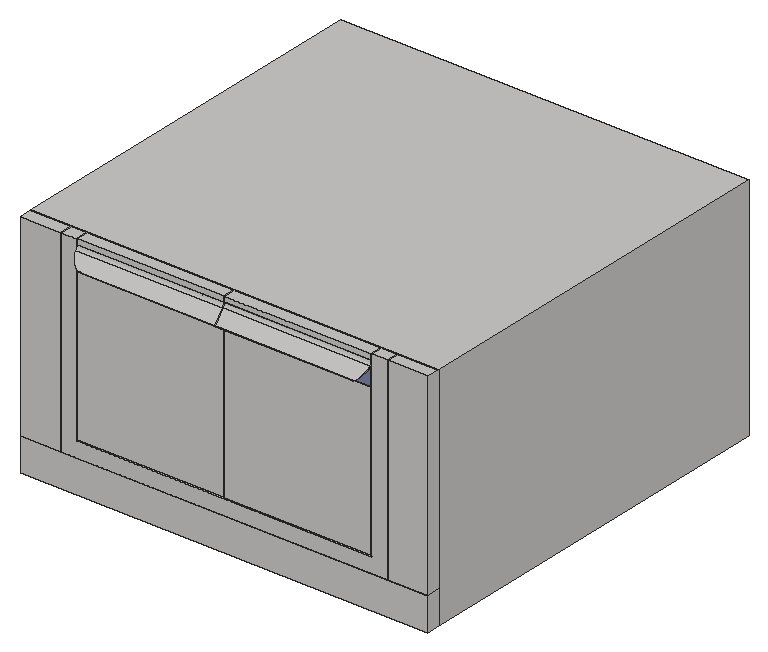
Revit family "QF_ELECTROLUXPROFESSIONAL_588657_MB4DCAHOAO", category Attrezzature speciali, Revit 2020
Family settings
  Quota connettore circolare = Usa diametro
  Tipo di parte = Normale
  Basato su piano di lavoro = No
  Sempre verticale = Sì
  Taglio con vuoti quando caricato = No
  Condiviso = No
  Punto di calcolo locali = No
Parameters (values of type "Standard")
  Weight = 29.00 kg
  Watts = 2000 W
  Volts = 400 V
  URL Manufacturer = "https://www.electroluxprofessional.com/"
  URL = "https://www.electroluxprofessional.com/"
  Steam Supply Size = 0"
  Steam Supply Minimum Pressure = 0.00 psi
  Steam Supply Maximum Pressure = 0.00 psi
  Steam Consumption per Hour = 0
  Refrigeration Suction Line Size = 0 mm
  Refrigeration Liquid Line Size = 0 mm
  Refrigerant Compressor Remote = yes
  Prospetto di default = 0 mm
  Phase = 3
  Modello = "MB4DCAHOAO"
  Produttore = "Electrolux Professional"
  Length Actual = 800 mm  # constant formula
  Item Number = "588657"
  Hot Water Size = 0"
  Height Actual = 450 mm  # constant formula
  HP = "2.7 HP"
  Gas Size = 0"
  Gas KW = 0
  Gas Input Pressure = 0.0 Btu/h
  Direct Waste Size = 0"
  Descrizione = "EL.WARMING CAB,GN,2DOORS,1S,800X850X450H"
  Depth Actual = 850 mm  # constant formula
  Cycle = 50 Hz
  Condensate Return Size = 0"
  Compressed Air Volume = 0 GPM
  Compressed Air Size = 0"
  Compressed Air Pressure = 0.00 psi
  Cold Water Size = 0"
  Accessory = yes
Reference planes
  plane 1 "BACK": y = 0
  plane 2: z = 0
  plane 3 "LEFT": x = 0
  plane 4 "RIGHT": x = 800
  plane 5 "FRONT": y = -850
  plane 6 "PLAIN": z = 900
  plane 7 "Center (Left/Right)": x = 400
  plane 8 "Center (Front/Back)": y = -425
  plane 9 "TOP": z = 650
  plane 10 "BASE": z = 200
  plane 11: x = 722
  plane 12: x = 78
  plane 13 "Feet_back": y = -150
  plane 14 "Feet_Front": y = -720
  plane 15: x = 80
  plane 16: x = 720
  plane 17: z = 265
  plane 18: y = -45
  plane 19: y = -805
  plane 20: y = -70
  plane 21: y = -830
Forms (mm)
  Extrusion 1, solid, material "QF_Finishes_Stainless Steel"
    sketch origin (0, 0, 650) x (0, 1, 0) y (0, 0, 1)
      loop
        line (-45, -450) -> (-45, 0) -> (-805, 0) -> (-805, -450) -> (-45, -450)
    from 0 to 800
  Extrusion 2, solid, material "QF_Finishes_Stainless Steel"
    sketch origin (0, 0, 650) x (0, 1, 0) y (0, 0, 1)
      loop
        line (-830, -450) -> (-805, -450) -> (-805, -385) -> (-830, -385) -> (-830, -450)
    from 0 to 800
  Extrusion 3, void
    sketch origin (0, -850, 0) x (1, 0, 0) y (0, 0, 1)
      loop
        line (80, 650) -> (80, 265) -> (720, 265) -> (720, 650) -> (80, 650)
    from 0 to -780
  Extrusion 4, solid, material "QF_Finishes_Stainless Steel"
    sketch origin (0, -850, 0) x (1, 0, 0) y (0, 0, 1)
      loop
        line (110, 650) -> (110, 627) -> (690, 627) -> (690, 650) -> (110, 650)
    from -45 to -805
  Extrusion 5, solid, material "QF_Finishes_Stainless Steel"
    sketch origin (0, -850, 0) x (1, 0, 0) y (0, 0, 1)
      loop
        line (80, 650) -> (80, 265) -> (720, 265) -> (720, 650) -> (690, 650) -> (690, 295) -> (110, 295) -> (110, 650) -> (80, 650)
    from -45 to -780
  Extrusion 6, solid, material "QF_Finishes_Stainless Steel"
    sketch origin (0, -850, 0) x (1, 0, 0) y (0, 0, 1)
      loop
        line (0, 650) -> (0, 265) -> (80, 265) -> (80, 650) -> (0, 650)
    from -20 to -45
  Extrusion 7, solid, material "QF_Finishes_Stainless Steel"
    sketch origin (0, -850, 0) x (1, 0, 0) y (0, 0, 1)
      loop
        line (720, 650) -> (720, 265) -> (800, 265) -> (800, 650) -> (720, 650)
    from -20 to -45
  Extrusion 8, solid, material "QF_Finishes_Stainless Steel"
    sketch origin (0, -850, 0) x (1, 0, 0) y (0, 0, 1)
      loop
        line (80, 650) -> (80, 265) -> (720, 265) -> (720, 650) -> (690, 650) -> (690, 295) -> (110, 295) -> (110, 650) -> (80, 650)
    from -45 to -20
Cuts and joins
  Extrusion 3 cuts Extrusion 1
  joined: Extrusion 1, Extrusion 4, Extrusion 5
Lines and regions (mm)
  symbolic lines, style "SpecialityEquipmentHiddenLines"
    curve 1: line (0, 0, 0) -> (800, 0, 0)
    curve 2: line (0, -850, 0) -> (0, 0, 0)
    curve 3: line (800, -850, 0) -> (0, -850, 0)
    curve 4: line (800, 0, 0) -> (800, -850, 0)
Dimensions and locks
  plane 3 "LEFT" to plane 4 "RIGHT" = 800 mm
  plane 5 "FRONT" to plane 1 "BACK" = 850 mm
  equal spacing: plane 3 "LEFT", plane 7 "Center (Left/Right)", plane 4 "RIGHT"
  equal spacing: plane 5 "FRONT", plane 8 "Center (Front/Back)", plane 1 "BACK"
  plane 6 "PLAIN" to plane 9 "TOP" = 250 mm
  plane 10 "BASE" to level = 200 mm
  plane 9 "TOP" to plane 10 "BASE" = 450 mm
  locked: plane 1 "BACK" to plane 13 "Feet_back" at 150
  locked: plane 14 "Feet_Front" to plane 5 "FRONT" at 130
  locked: plane 12 to plane 3 "LEFT" at 78
  locked: plane 11 to plane 4 "RIGHT" at 78
  plane 16 to plane 15 = 640 mm
  equal spacing: plane 16, plane 7 "Center (Left/Right)", plane 15
  locked: plane 17 to plane 10 "BASE" at 65
  locked: plane 1 "BACK" to plane 18 at 45
  plane 9 "TOP" to Extrusion 4 sketch curve = 23 mm
  locked: Extrusion 4 sketch curve to plane 15 at 30
  locked: plane 16 to Extrusion 4 sketch curve at 30
  locked: Extrusion 5 sketch curve to plane 17 at 30
  plane 6 "PLAIN" to level = 900 mm
  Extrusion 5 to Extrusion 5 = 580 mm
  locked: plane 18 to plane 20 at 25
  locked: plane 21 to plane 5 "FRONT" at 20
  locked: plane 19 to plane 21 at 25
  plane 18 to plane 21 = 785 mm
  aligned and locked: level to plane 2
  aligned and locked: Extrusion 1 to plane 4 "RIGHT"
  aligned and locked: Extrusion 1 to plane 3 "LEFT"
  aligned and locked: Extrusion 2 to plane 4 "RIGHT"
  aligned and locked: plane 9 "TOP" to Extrusion 3 sketch curve
  aligned and locked: Extrusion 3 sketch curve to plane 15
  aligned and locked: plane 16 to Extrusion 3 sketch curve
  aligned and locked: Extrusion 2 to plane 10 "BASE"
  aligned and locked: Extrusion 2 to plane 17
  aligned and locked: plane 17 to Extrusion 3 sketch curve
  aligned and locked: Extrusion 4 to plane 18
  aligned and locked: Extrusion 5 sketch curve to plane 15
  aligned and locked: plane 16 to Extrusion 5 sketch curve
  aligned and locked: plane 9 "TOP" to Extrusion 5 sketch curve  (x2)
  aligned and locked: plane 17 to Extrusion 5 sketch curve
  aligned and locked: Extrusion 5 sketch curve to Extrusion 4  (x2)
  aligned and locked: Extrusion 6 sketch curve to plane 9 "TOP"
  aligned and locked: plane 3 "LEFT" to Extrusion 6 sketch curve
  aligned and locked: Extrusion 6 sketch curve to plane 17
  aligned and locked: Extrusion 6 sketch curve to plane 15
  aligned and locked: Extrusion 7 sketch curve to plane 9 "TOP"
  aligned and locked: plane 16 to Extrusion 7 sketch curve
  aligned and locked: Extrusion 7 sketch curve to plane 17
  aligned and locked: plane 4 "RIGHT" to Extrusion 7 sketch curve
  aligned and locked: cut or joined group of Extrusion 1, Extrusion 3, Extrusion 4, Extrusion 5 to Extrusion 4
  aligned and locked: plane 7 "Center (Left/Right)" to nested 1
  aligned and locked: Extrusion 5 to plane 20
  aligned and locked: cut or joined group of Extrusion 1, Extrusion 3, Extrusion 4, Extrusion 5 to plane 20
  aligned and locked: cut or joined group of Extrusion 1, Extrusion 3, Extrusion 4, Extrusion 5 to plane 18
  aligned and locked: plane 19 to Extrusion 4
  aligned and locked: Extrusion 6 to plane 19
  aligned and locked: plane 21 to Extrusion 6
  aligned and locked: plane 21 to Extrusion 7
  aligned and locked: Extrusion 7 to plane 19
  aligned and locked: Extrusion 2 to plane 19
  aligned and locked: plane 21 to Extrusion 2
  aligned and locked: plane 19 to cut or joined group of Extrusion 1, Extrusion 3, Extrusion 4, Extrusion 5
  aligned and locked: plane 21 to Extrusion 8
Automatic sketch dimensions
  curve 3 to plane 3 "LEFT" = 0 mm
  curve 3 to plane 4 "RIGHT" = 0 mm
  plane 5 "FRONT" to curve 3 = 0 mm
  plane 1 "BACK" to curve 2 = 0 mm
  Extrusion 1 sketch curve to plane 10 "BASE" = 0 mm
  Extrusion 1 sketch curve to plane 19 = 0 mm
  Extrusion 1 sketch curve to plane 18 = 0 mm
  Extrusion 1 sketch curve to plane 9 "TOP" = 0 mm
  plane 17 to Extrusion 2 sketch curve = 0 mm
  Extrusion 2 sketch curve to plane 21 = 0 mm
  Extrusion 2 sketch curve to plane 10 "BASE" = 0 mm
  Extrusion 2 sketch curve to plane 19 = 0 mm
  Extrusion 4 sketch curve to plane 9 "TOP" = 0 mm
  Extrusion 8 sketch curve to plane 9 "TOP" = 0 mm  (x2)
  Extrusion 8 sketch curve to plane 15 = 0 mm
  Extrusion 8 sketch curve to plane 16 = 0 mm
  Extrusion 8 sketch curve to plane 17 = 0 mm
  Extrusion 8 sketch curve to Extrusion 8 sketch curve = 30 mm
  Extrusion 8 sketch curve to plane 16 = 30 mm
  Extrusion 8 sketch curve to plane 17 = 30 mm
Nested families
  nested 1: "H450_2DOOR" at (363.958, -805, 200) x (1, 0, 0) z (0, -1, 0), type "H450_2DOOR"
    with Width 580 mm, Wdoor 290 mm, Show Clearance yes
Definition of nested family "H450_2DOOR"
  Parameters
    Width [instance] = 580 mm
    Wdoor [instance] = Width / 2  # 290 mm
    Show Clearance [instance] = yes
    Model = "727995"
    Height = 450 mm
    Default Elevation = 0 mm
  Reference planes
    plane 1 "Center (Front/Back)": y = 0
    plane 2: z = 0
    plane 3 "Center (Left/Right)": x = 36.042
    plane 4 "panel": z = 25
    plane 5: x = -253.958
    plane 6: x = 326.042
    plane 7: y = 450
    plane 8: z = 290
    plane 9: z = 45
  Forms (mm)
    Extrusion 1, solid
      sketch origin (0, -919.2, 0) x (1, 0, 0) y (0, 1, 0)
        loop
          line (-980.5, 2119.2) -> (-980.5, -162.846) -> (881.94, -162.846) -> (881.94, 2119.2) -> (-980.5, 2119.2)
      from 0 to -59.546
    Extrusion 2, solid
      sketch origin (0, 0, 0) x (1, 0, 0) y (0, 1, 0)
        loop
          line (324.042, 393) -> (37.042, 393) -> (37.042, 97) -> (324.042, 97) -> (324.042, 393)
        loop
          line (-251.958, 97) -> (35.042, 97) -> (35.042, 393) -> (-251.958, 393) -> (-251.958, 97)
      from 0 to 25
    Extrusion 3, solid
      sketch origin (0, 0, 0) x (1, 0, 0) y (0, 1, 0)
        loop
          line (-251.958, 393) -> (35.042, 393) -> (35.042, 440) -> (-251.958, 440) -> (-251.958, 393)
        loop
          line (37.042, 440) -> (37.042, 393) -> (324.042, 393) -> (324.042, 440) -> (37.042, 440)
      from 0 to 25
    Extrusion 4, solid
      sketch origin (5.581, 79.805, 0) x (1, 0, 0) y (0, 1, 0)
        loop
          line (-257.539, 360.195) -> (29.461, 360.195) -> (29.461, 370.195) -> (-257.539, 370.195) -> (-257.539, 360.195)
        loop
          line (31.461, 370.195) -> (31.461, 360.195) -> (318.461, 360.195) -> (318.461, 370.195) -> (31.461, 370.195)
      from 0 to 25
    Extrusion 5, solid
      sketch origin (36.042, 0, 0) x (0, 1, 0) y (0, 0, 1)
        loop
          line (426.693, 25) -> (440.02, 25)
          arc (440.02, 25) -> (435.261, 25.775) -> (430.993, 28.02) r 15
          line (430.993, 28.02) -> (406.653, 46.362) -> (403.644, 42.369) -> (426.693, 25)
      from 1 to 288
    Extrusion 6, solid
      sketch origin (36.042, 0, 0) x (0, 1, 0) y (0, 0, 1)
        loop
          line (426.693, 25) -> (440.02, 25)
          arc (440.02, 25) -> (435.261, 25.775) -> (430.993, 28.02) r 15
          line (430.993, 28.02) -> (406.653, 46.362) -> (403.644, 42.369) -> (426.693, 25)
      from -288 to -1
    Extrusion 7, void
      sketch origin (0, 0, 0) x (1, 0, 0) y (0, 1, 0)
        loop
          arc (324.042, 426.693) -> (314.508, 412.772) -> (300.317, 403.644) r 42.603
          line (300.317, 403.644) -> (324.042, 403.644) -> (324.042, 426.693)
      from 0 to 47.9
    Extrusion 8, void
      sketch origin (72.084, 0, 0) x (-1, 0, 0) y (0, -1, 0)
        loop
          line (324.042, -426.693) -> (324.042, -403.644) -> (300.317, -403.644)
          arc (300.317, -403.644) -> (314.508, -412.772) -> (324.042, -426.693) r 42.603
      from 0 to 47.9
    Extrusion 9, solid, detail levels coarse
      sketch origin (0, 0, 0) x (1, 0, 0) y (0, 0, 1)
        loop
          arc (36.042, 25) -> (-41.575, 212.383) -> (-228.958, 290) r 265
          line (-228.958, 290) -> (-228.958, 25) -> (36.042, 25)
      from -450 to -97
    Extrusion 10, solid, detail levels coarse
      sketch origin (0, 0, 0) x (1, 0, 0) y (0, 0, 1)
        loop
          arc (301.042, 290) -> (113.659, 212.383) -> (36.042, 25) r 265
          line (36.042, 25) -> (301.042, 25) -> (301.042, 290)
      from -450 to -97
  Cuts and joins
    Extrusion 8 cuts Extrusion 6
    Extrusion 7 cuts Extrusion 5
  Lines and regions (mm)
    symbolic lines
      curve 1: line (326.042, 0, 45) -> (326.042, 0, 290)
      curve 2: line (301.042, 0, 45) -> (301.042, 0, 290)
      curve 3: line (326.042, 0, 290) -> (301.042, 0, 290)
      curve 4: line (-253.958, 0, 45) -> (-253.958, 0, 290)
      curve 5: line (-228.958, 0, 45) -> (-228.958, 0, 290)
      curve 6: line (-253.958, 0, 290) -> (-228.958, 0, 290)
      curve 7: arc (301.042, 0, 290) -> (120.901, 0, 219.356) -> (36.804, 0, 45.088) r 265
      curve 8: arc (35.286, 0, 44.997) -> (-48.783, 0, 219.325) -> (-228.958, 0, 290) r 265
  Dimensions and locks
    plane 4 "panel" to level = 25 mm
    "Width": plane 5 to plane 6
    equal spacing: plane 5, plane 3 "Center (Left/Right)", plane 6
    "Height": plane 1 "Center (Front/Back)" to plane 7
    locked: plane 5 to Extrusion 2 sketch curve at 2
    locked: Extrusion 2 sketch curve to plane 6 at 2
    locked: plane 1 "Center (Front/Back)" to Extrusion 2 sketch curve at 97
    locked: plane 7 to Extrusion 2 sketch curve at 57
    locked: Extrusion 2 sketch curve to plane 3 "Center (Left/Right)" at 1
    locked: plane 3 "Center (Left/Right)" to Extrusion 2 sketch curve at 1
    Extrusion 3 sketch curve to Extrusion 2 = 47 mm
    "Wdoor": plane 8 to level
    locked: curve 2 to curve 1 at 25
    locked: curve 5 to curve 4 at 25
    plane 4 "panel" to plane 9 = 20 mm
    aligned and locked: plane 2 to Extrusion 1
    aligned and locked: level to Extrusion 1
    aligned and locked: plane 4 "panel" to Extrusion 2
    aligned and locked: Extrusion 2 to Extrusion 3 sketch curve
    aligned and locked: Extrusion 3 sketch curve to Extrusion 2  (x2)
    aligned and locked: Extrusion 3 sketch curve to Extrusion 3 sketch curve
    aligned and locked: plane 4 "panel" to Extrusion 3
    aligned and locked: Extrusion 4 sketch curve to Extrusion 4 sketch curve
    aligned and locked: Extrusion 4 sketch curve to Extrusion 3  (x3)
    aligned and locked: Extrusion 3 to Extrusion 4 sketch curve
    aligned and locked: Extrusion 4 sketch curve to plane 7
    aligned and locked: Extrusion 3 to Extrusion 5
    aligned and locked: Extrusion 5 to Extrusion 3
    aligned and locked: Extrusion 6 to Extrusion 3
    aligned and locked: Extrusion 3 to Extrusion 6
    aligned and locked: Extrusion 7 sketch curve to Extrusion 5
    aligned and locked: Extrusion 8 to Extrusion 6
    aligned and locked: Extrusion 4 to Extrusion 8
    aligned and locked: Extrusion 2 to Extrusion 7
    aligned and locked: Extrusion 7 to Extrusion 5
    aligned and locked: Extrusion 4 to Extrusion 3  (x2)
    aligned and locked: Extrusion 3 to Extrusion 2
    aligned and locked: Extrusion 4 to Extrusion 2
    aligned and locked: curve 3 to plane 8
    aligned and locked: curve 1 to plane 6
    aligned and locked: curve 4 to plane 5
    aligned and locked: Extrusion 9 sketch curve to plane 4 "panel"
    aligned and locked: Extrusion 10 sketch curve to curve 7
    aligned and locked: Extrusion 10 sketch curve to curve 2
    aligned and locked: Extrusion 2 to Extrusion 9
    aligned and locked: Extrusion 2 to Extrusion 10
    aligned and locked: plane 7 to Extrusion 9
    aligned and locked: Extrusion 3 to Extrusion 4
  Automatic sketch dimensions
    Extrusion 1 sketch curve to Extrusion 1 sketch curve = 1862.44 mm
    Extrusion 1 sketch curve to Extrusion 1 sketch curve = 2282.046 mm
    Extrusion 2 sketch curve to plane 1 "Center (Front/Back)" = 97 mm
    Extrusion 2 sketch curve to Extrusion 2 sketch curve = 0 mm
    Extrusion 3 sketch curve to plane 3 "Center (Left/Right)" = 1 mm
    plane 5 to Extrusion 3 sketch curve = 2 mm
    Extrusion 3 sketch curve to Extrusion 3 sketch curve = 0 mm
    Extrusion 5 sketch curve to plane 4 "panel" = 0 mm
    plane 4 "panel" to Extrusion 5 sketch curve = 17.369 mm
    Extrusion 5 sketch curve to plane 7 = 46.356 mm
    plane 4 "panel" to Extrusion 5 sketch curve = 21.362 mm
    Extrusion 5 sketch curve to Extrusion 5 sketch curve = 3.009 mm
    plane 4 "panel" to Extrusion 5 sketch curve = 3.02 mm
    Extrusion 5 sketch curve to Extrusion 5 sketch curve = 9.027 mm
    Extrusion 6 sketch curve to plane 4 "panel" = 0 mm
    plane 4 "panel" to Extrusion 6 sketch curve = 17.369 mm
    Extrusion 6 sketch curve to plane 7 = 46.356 mm
    plane 4 "panel" to Extrusion 6 sketch curve = 21.362 mm
    Extrusion 6 sketch curve to Extrusion 6 sketch curve = 3.009 mm
    plane 4 "panel" to Extrusion 6 sketch curve = 3.02 mm
    Extrusion 6 sketch curve to Extrusion 6 sketch curve = 9.027 mm
    Extrusion 7 sketch curve to Extrusion 7 sketch curve = 23.725 mm
    Extrusion 7 sketch curve to plane 7 = 6.671 mm
    Extrusion 7 sketch curve to plane 6 = 41.221 mm
    Extrusion 7 sketch curve to plane 7 = 23.307 mm
    plane 7 to Extrusion 8 sketch curve = 6.671 mm
    Extrusion 8 sketch curve to plane 5 = 41.221 mm
    Extrusion 8 sketch curve to plane 5 = 25.725 mm
    Extrusion 8 sketch curve to plane 5 = 2 mm
    plane 7 to Extrusion 8 sketch curve = 23.307 mm
    Extrusion 4 sketch curve to Extrusion 4 sketch curve = 10 mm
    Extrusion 4 sketch curve to plane 7 = 10 mm
    curve 2 to plane 9 = 0 mm
    curve 5 to plane 9 = 0 mm
    curve 4 to plane 9 = 0 mm
    curve 1 to plane 9 = 0 mm
    curve 8 to plane 4 "panel" = 0 mm
    curve 5 to plane 8 = 0 mm
    curve 8 to plane 9 = 0.003 mm
    curve 7 to plane 4 "panel" = 0 mm
    plane 9 to curve 7 = 0.088 mm
